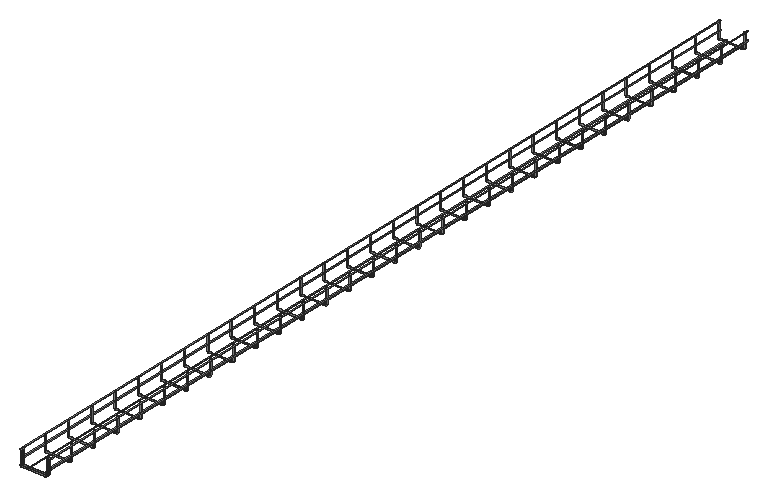
Revit family "Gitterrinne GRM - GRM 55 400 G", category Generic Models, Revit 2017
Family settings
  Can host rebar = No
  Round Connector Dimension = Use Diameter
  Part Type = Normal
  Work Plane-Based = No
  Always vertical = Yes
  Cut with Voids When Loaded = No
  Shared = No
  Room Calculation Point = No
Parameters (values of type "GRM 55 400 A4")
  Width 1 = Width / 2  # 200 mm
  Width = 400 mm
  URL = "http://www.obo-bettermann.com"
  Material = Stainless steel, A4
  Manufacturer Art.No. = "6001095"
  Manufacturer = "OBO Bettermann"
  Length = 3000 mm
  GTIN = "4012195166085"
  Article Type = "GRM 55 400 A4"
Types (5, lengths in mm): name | Material | Manufacturer Art.No. | GTIN | Article Type
  (no name) | Stainless steel, A4 | "6001095" | "4012195166085" | "GRM 55 400 A4"
  GRM 55 400 G | Electrogalvanised | "6001450" | "4012196858736" | "GRM 55 400 G"
  GRM 55 400 FT | Hot-dip galvanised | "6001428" | "4012196815111" | "GRM 55 400 FT"
  GRM 55 400 A2 | Stainless steel, A2 | "6001080" | "4012196102198" | "GRM 55 400 A2"
  GRM 55 400 A4 | Stainless steel, A4 | "6001095" | "4012195166085" | "GRM 55 400 A4"
Reference planes
  plane 1 "Center (Front/Back)": y = 0
  plane 2: z = 0
  plane 3 "Center (Left/Right)": x = 0
  plane 4: y = -2991.37
  plane 5: y = 8.63
Forms (mm)
  Sweep 1, solid, material "Stainless steel, A4" <- "Material"
    path in 3D
      loop
        line (-44.9, 0, 0) -> (-44.9, 0, -48.992)
        arc (-44.9, 0, -48.992) -> (-43.755, 0, -51.755) -> (-40.992, 0, -52.9) r 3.908
        line (-40.992, 0, -52.9) -> (41.043, 0, -52.9)
        arc (41.043, 0, -52.9) -> (43.77, 0, -51.77) -> (44.9, 0, -49.043) r 3.857
        line (44.9, 0, -49.043) -> (44.9, 0, 0)
    profile origin (44.9, 0, -24.521) x (-1, 0, 0) y (0, -1, 0)
      loop
        circle (0, 0) r 1.9
  Extrusion 2, solid, material "Stainless steel, A4" <- "Material"
    sketch origin (0, 0, 0) x (1, 0, 0) y (0, 0, 1)
      loop
        circle (-48.1, -1.9) r 1.9
      loop
        circle (-48.1, -31) r 1.9
      loop
        circle (-25, -56.1) r 1.9
      loop
        circle (48.1, -1.9) r 1.9
      loop
        circle (48.1, -31) r 1.9
      loop
        circle (25, -56.1) r 1.9
    from -8.63 to 2991.37
  Sweep 3, solid, material "Stainless steel, A4" <- "Material"
    path in 3D
      loop
        line (-44.9, -100, 0) -> (-44.9, -100, -48.992)
        arc (-44.9, -100, -48.992) -> (-43.755, -100, -51.755) -> (-40.992, -100, -52.9) r 3.908
        line (-40.992, -100, -52.9) -> (41.043, -100, -52.9)
        arc (41.043, -100, -52.9) -> (43.77, -100, -51.77) -> (44.9, -100, -49.043) r 3.857
        line (44.9, -100, -49.043) -> (44.9, -100, 0)
    profile origin (44.9, -100, -24.521) x (-1, 0, 0) y (0, -1, 0)
      loop
        circle (0, 0) r 1.9
  Sweep 4, solid, material "Stainless steel, A4" <- "Material"
    path in 3D
      loop
        line (-44.9, -200, 0) -> (-44.9, -200, -48.992)
        arc (-44.9, -200, -48.992) -> (-43.755, -200, -51.755) -> (-40.992, -200, -52.9) r 3.908
        line (-40.992, -200, -52.9) -> (41.043, -200, -52.9)
        arc (41.043, -200, -52.9) -> (43.77, -200, -51.77) -> (44.9, -200, -49.043) r 3.857
        line (44.9, -200, -49.043) -> (44.9, -200, 0)
    profile origin (44.9, -200, -24.521) x (-1, 0, 0) y (0, -1, 0)
      loop
        circle (0, 0) r 1.9
  Sweep 5, solid, material "Stainless steel, A4" <- "Material"
    path in 3D
      loop
        line (-44.9, -300, 0) -> (-44.9, -300, -48.992)
        arc (-44.9, -300, -48.992) -> (-43.755, -300, -51.755) -> (-40.992, -300, -52.9) r 3.908
        line (-40.992, -300, -52.9) -> (41.043, -300, -52.9)
        arc (41.043, -300, -52.9) -> (43.77, -300, -51.77) -> (44.9, -300, -49.043) r 3.857
        line (44.9, -300, -49.043) -> (44.9, -300, 0)
    profile origin (44.9, -300, -24.521) x (-1, 0, 0) y (0, -1, 0)
      loop
        circle (0, 0) r 1.9
  Sweep 6, solid, material "Stainless steel, A4" <- "Material"
    path in 3D
      loop
        line (-44.9, -400, 0) -> (-44.9, -400, -48.992)
        arc (-44.9, -400, -48.992) -> (-43.755, -400, -51.755) -> (-40.992, -400, -52.9) r 3.908
        line (-40.992, -400, -52.9) -> (41.043, -400, -52.9)
        arc (41.043, -400, -52.9) -> (43.77, -400, -51.77) -> (44.9, -400, -49.043) r 3.857
        line (44.9, -400, -49.043) -> (44.9, -400, 0)
    profile origin (44.9, -400, -24.521) x (-1, 0, 0) y (0, -1, 0)
      loop
        circle (0, 0) r 1.9
  Sweep 7, solid, material "Stainless steel, A4" <- "Material"
    path in 3D
      loop
        line (-44.9, -500, 0) -> (-44.9, -500, -48.992)
        arc (-44.9, -500, -48.992) -> (-43.755, -500, -51.755) -> (-40.992, -500, -52.9) r 3.908
        line (-40.992, -500, -52.9) -> (41.043, -500, -52.9)
        arc (41.043, -500, -52.9) -> (43.77, -500, -51.77) -> (44.9, -500, -49.043) r 3.857
        line (44.9, -500, -49.043) -> (44.9, -500, 0)
    profile origin (44.9, -500, -24.521) x (-1, 0, 0) y (0, -1, 0)
      loop
        circle (0, 0) r 1.9
  Sweep 8, solid, material "Stainless steel, A4" <- "Material"
    path in 3D
      loop
        line (-44.9, -600, 0) -> (-44.9, -600, -48.992)
        arc (-44.9, -600, -48.992) -> (-43.755, -600, -51.755) -> (-40.992, -600, -52.9) r 3.908
        line (-40.992, -600, -52.9) -> (41.043, -600, -52.9)
        arc (41.043, -600, -52.9) -> (43.77, -600, -51.77) -> (44.9, -600, -49.043) r 3.857
        line (44.9, -600, -49.043) -> (44.9, -600, 0)
    profile origin (44.9, -600, -24.521) x (-1, 0, 0) y (0, -1, 0)
      loop
        circle (0, 0) r 1.9
  Sweep 9, solid, material "Stainless steel, A4" <- "Material"
    path in 3D
      loop
        line (-44.9, -700, 0) -> (-44.9, -700, -48.992)
        arc (-44.9, -700, -48.992) -> (-43.755, -700, -51.755) -> (-40.992, -700, -52.9) r 3.908
        line (-40.992, -700, -52.9) -> (41.043, -700, -52.9)
        arc (41.043, -700, -52.9) -> (43.77, -700, -51.77) -> (44.9, -700, -49.043) r 3.857
        line (44.9, -700, -49.043) -> (44.9, -700, 0)
    profile origin (44.9, -700, -24.521) x (-1, 0, 0) y (0, -1, 0)
      loop
        circle (0, 0) r 1.9
  Sweep 10, solid, material "Stainless steel, A4" <- "Material"
    path in 3D
      loop
        line (-44.9, -800, 0) -> (-44.9, -800, -48.992)
        arc (-44.9, -800, -48.992) -> (-43.755, -800, -51.755) -> (-40.992, -800, -52.9) r 3.908
        line (-40.992, -800, -52.9) -> (41.043, -800, -52.9)
        arc (41.043, -800, -52.9) -> (43.77, -800, -51.77) -> (44.9, -800, -49.043) r 3.857
        line (44.9, -800, -49.043) -> (44.9, -800, 0)
    profile origin (44.9, -800, -24.521) x (-1, 0, 0) y (0, -1, 0)
      loop
        circle (0, 0) r 1.9
  Sweep 11, solid, material "Stainless steel, A4" <- "Material"
    path in 3D
      loop
        line (-44.9, -900, 0) -> (-44.9, -900, -48.992)
        arc (-44.9, -900, -48.992) -> (-43.755, -900, -51.755) -> (-40.992, -900, -52.9) r 3.908
        line (-40.992, -900, -52.9) -> (41.043, -900, -52.9)
        arc (41.043, -900, -52.9) -> (43.77, -900, -51.77) -> (44.9, -900, -49.043) r 3.857
        line (44.9, -900, -49.043) -> (44.9, -900, 0)
    profile origin (44.9, -900, -24.521) x (-1, 0, 0) y (0, -1, 0)
      loop
        circle (0, 0) r 1.9
  Sweep 12, solid, material "Stainless steel, A4" <- "Material"
    path in 3D
      loop
        line (-44.9, -1000, 0) -> (-44.9, -1000, -48.992)
        arc (-44.9, -1000, -48.992) -> (-43.755, -1000, -51.755) -> (-40.992, -1000, -52.9) r 3.908
        line (-40.992, -1000, -52.9) -> (41.043, -1000, -52.9)
        arc (41.043, -1000, -52.9) -> (43.77, -1000, -51.77) -> (44.9, -1000, -49.043) r 3.857
        line (44.9, -1000, -49.043) -> (44.9, -1000, 0)
    profile origin (44.9, -1000, -24.521) x (-1, 0, 0) y (0, -1, 0)
      loop
        circle (0, 0) r 1.9
  Sweep 13, solid, material "Stainless steel, A4" <- "Material"
    path in 3D
      loop
        line (-44.9, -1100, 0) -> (-44.9, -1100, -48.992)
        arc (-44.9, -1100, -48.992) -> (-43.755, -1100, -51.755) -> (-40.992, -1100, -52.9) r 3.908
        line (-40.992, -1100, -52.9) -> (41.043, -1100, -52.9)
        arc (41.043, -1100, -52.9) -> (43.77, -1100, -51.77) -> (44.9, -1100, -49.043) r 3.857
        line (44.9, -1100, -49.043) -> (44.9, -1100, 0)
    profile origin (44.9, -1100, -24.521) x (-1, 0, 0) y (0, -1, 0)
      loop
        circle (0, 0) r 1.9
  Sweep 14, solid, material "Stainless steel, A4" <- "Material"
    path in 3D
      loop
        line (-44.9, -1200, 0) -> (-44.9, -1200, -48.992)
        arc (-44.9, -1200, -48.992) -> (-43.755, -1200, -51.755) -> (-40.992, -1200, -52.9) r 3.908
        line (-40.992, -1200, -52.9) -> (41.043, -1200, -52.9)
        arc (41.043, -1200, -52.9) -> (43.77, -1200, -51.77) -> (44.9, -1200, -49.043) r 3.857
        line (44.9, -1200, -49.043) -> (44.9, -1200, 0)
    profile origin (44.9, -1200, -24.521) x (-1, 0, 0) y (0, -1, 0)
      loop
        circle (0, 0) r 1.9
  Sweep 15, solid, material "Stainless steel, A4" <- "Material"
    path in 3D
      loop
        line (-44.9, -1300, 0) -> (-44.9, -1300, -48.992)
        arc (-44.9, -1300, -48.992) -> (-43.755, -1300, -51.755) -> (-40.992, -1300, -52.9) r 3.908
        line (-40.992, -1300, -52.9) -> (41.043, -1300, -52.9)
        arc (41.043, -1300, -52.9) -> (43.77, -1300, -51.77) -> (44.9, -1300, -49.043) r 3.857
        line (44.9, -1300, -49.043) -> (44.9, -1300, 0)
    profile origin (44.9, -1300, -24.521) x (-1, 0, 0) y (0, -1, 0)
      loop
        circle (0, 0) r 1.9
  Sweep 16, solid, material "Stainless steel, A4" <- "Material"
    path in 3D
      loop
        line (-44.9, -1400, 0) -> (-44.9, -1400, -48.992)
        arc (-44.9, -1400, -48.992) -> (-43.755, -1400, -51.755) -> (-40.992, -1400, -52.9) r 3.908
        line (-40.992, -1400, -52.9) -> (41.043, -1400, -52.9)
        arc (41.043, -1400, -52.9) -> (43.77, -1400, -51.77) -> (44.9, -1400, -49.043) r 3.857
        line (44.9, -1400, -49.043) -> (44.9, -1400, 0)
    profile origin (44.9, -1400, -24.521) x (-1, 0, 0) y (0, -1, 0)
      loop
        circle (0, 0) r 1.9
  Sweep 17, solid, material "Stainless steel, A4" <- "Material"
    path in 3D
      loop
        line (-44.9, -1500, 0) -> (-44.9, -1500, -48.992)
        arc (-44.9, -1500, -48.992) -> (-43.755, -1500, -51.755) -> (-40.992, -1500, -52.9) r 3.908
        line (-40.992, -1500, -52.9) -> (41.043, -1500, -52.9)
        arc (41.043, -1500, -52.9) -> (43.77, -1500, -51.77) -> (44.9, -1500, -49.043) r 3.857
        line (44.9, -1500, -49.043) -> (44.9, -1500, 0)
    profile origin (44.9, -1500, -24.521) x (-1, 0, 0) y (0, -1, 0)
      loop
        circle (0, 0) r 1.9
  Sweep 18, solid, material "Stainless steel, A4" <- "Material"
    path in 3D
      loop
        line (-44.9, -1600, 0) -> (-44.9, -1600, -48.992)
        arc (-44.9, -1600, -48.992) -> (-43.755, -1600, -51.755) -> (-40.992, -1600, -52.9) r 3.908
        line (-40.992, -1600, -52.9) -> (41.043, -1600, -52.9)
        arc (41.043, -1600, -52.9) -> (43.77, -1600, -51.77) -> (44.9, -1600, -49.043) r 3.857
        line (44.9, -1600, -49.043) -> (44.9, -1600, 0)
    profile origin (44.9, -1600, -24.521) x (-1, 0, 0) y (0, -1, 0)
      loop
        circle (0, 0) r 1.9
  Sweep 19, solid, material "Stainless steel, A4" <- "Material"
    path in 3D
      loop
        line (-44.9, -1700, 0) -> (-44.9, -1700, -48.992)
        arc (-44.9, -1700, -48.992) -> (-43.755, -1700, -51.755) -> (-40.992, -1700, -52.9) r 3.908
        line (-40.992, -1700, -52.9) -> (41.043, -1700, -52.9)
        arc (41.043, -1700, -52.9) -> (43.77, -1700, -51.77) -> (44.9, -1700, -49.043) r 3.857
        line (44.9, -1700, -49.043) -> (44.9, -1700, 0)
    profile origin (44.9, -1700, -24.521) x (-1, 0, 0) y (0, -1, 0)
      loop
        circle (0, 0) r 1.9
  Sweep 20, solid, material "Stainless steel, A4" <- "Material"
    path in 3D
      loop
        line (-44.9, -1800, 0) -> (-44.9, -1800, -48.992)
        arc (-44.9, -1800, -48.992) -> (-43.755, -1800, -51.755) -> (-40.992, -1800, -52.9) r 3.908
        line (-40.992, -1800, -52.9) -> (41.043, -1800, -52.9)
        arc (41.043, -1800, -52.9) -> (43.77, -1800, -51.77) -> (44.9, -1800, -49.043) r 3.857
        line (44.9, -1800, -49.043) -> (44.9, -1800, 0)
    profile origin (44.9, -1800, -24.521) x (-1, 0, 0) y (0, -1, 0)
      loop
        circle (0, 0) r 1.9
  Sweep 21, solid, material "Stainless steel, A4" <- "Material"
    path in 3D
      loop
        line (-44.9, -1900, 0) -> (-44.9, -1900, -48.992)
        arc (-44.9, -1900, -48.992) -> (-43.755, -1900, -51.755) -> (-40.992, -1900, -52.9) r 3.908
        line (-40.992, -1900, -52.9) -> (41.043, -1900, -52.9)
        arc (41.043, -1900, -52.9) -> (43.77, -1900, -51.77) -> (44.9, -1900, -49.043) r 3.857
        line (44.9, -1900, -49.043) -> (44.9, -1900, 0)
    profile origin (44.9, -1900, -24.521) x (-1, 0, 0) y (0, -1, 0)
      loop
        circle (0, 0) r 1.9
  Sweep 22, solid, material "Stainless steel, A4" <- "Material"
    path in 3D
      loop
        line (-44.9, -2000, 0) -> (-44.9, -2000, -48.992)
        arc (-44.9, -2000, -48.992) -> (-43.755, -2000, -51.755) -> (-40.992, -2000, -52.9) r 3.908
        line (-40.992, -2000, -52.9) -> (41.043, -2000, -52.9)
        arc (41.043, -2000, -52.9) -> (43.77, -2000, -51.77) -> (44.9, -2000, -49.043) r 3.857
        line (44.9, -2000, -49.043) -> (44.9, -2000, 0)
    profile origin (44.9, -2000, -24.521) x (-1, 0, 0) y (0, -1, 0)
      loop
        circle (0, 0) r 1.9
  Sweep 23, solid, material "Stainless steel, A4" <- "Material"
    path in 3D
      loop
        line (-44.9, -2100, 0) -> (-44.9, -2100, -48.992)
        arc (-44.9, -2100, -48.992) -> (-43.755, -2100, -51.755) -> (-40.992, -2100, -52.9) r 3.908
        line (-40.992, -2100, -52.9) -> (41.043, -2100, -52.9)
        arc (41.043, -2100, -52.9) -> (43.77, -2100, -51.77) -> (44.9, -2100, -49.043) r 3.857
        line (44.9, -2100, -49.043) -> (44.9, -2100, 0)
    profile origin (44.9, -2100, -24.521) x (-1, 0, 0) y (0, -1, 0)
      loop
        circle (0, 0) r 1.9
  Sweep 24, solid, material "Stainless steel, A4" <- "Material"
    path in 3D
      loop
        line (-44.9, -2200, 0) -> (-44.9, -2200, -48.992)
        arc (-44.9, -2200, -48.992) -> (-43.755, -2200, -51.755) -> (-40.992, -2200, -52.9) r 3.908
        line (-40.992, -2200, -52.9) -> (41.043, -2200, -52.9)
        arc (41.043, -2200, -52.9) -> (43.77, -2200, -51.77) -> (44.9, -2200, -49.043) r 3.857
        line (44.9, -2200, -49.043) -> (44.9, -2200, 0)
    profile origin (44.9, -2200, -24.521) x (-1, 0, 0) y (0, -1, 0)
      loop
        circle (0, 0) r 1.9
  Sweep 25, solid, material "Stainless steel, A4" <- "Material"
    path in 3D
      loop
        line (-44.9, -2300, 0) -> (-44.9, -2300, -48.992)
        arc (-44.9, -2300, -48.992) -> (-43.755, -2300, -51.755) -> (-40.992, -2300, -52.9) r 3.908
        line (-40.992, -2300, -52.9) -> (41.043, -2300, -52.9)
        arc (41.043, -2300, -52.9) -> (43.77, -2300, -51.77) -> (44.9, -2300, -49.043) r 3.857
        line (44.9, -2300, -49.043) -> (44.9, -2300, 0)
    profile origin (44.9, -2300, -24.521) x (-1, 0, 0) y (0, -1, 0)
      loop
        circle (0, 0) r 1.9
  Sweep 26, solid, material "Stainless steel, A4" <- "Material"
    path in 3D
      loop
        line (-44.9, -2400, 0) -> (-44.9, -2400, -48.992)
        arc (-44.9, -2400, -48.992) -> (-43.755, -2400, -51.755) -> (-40.992, -2400, -52.9) r 3.908
        line (-40.992, -2400, -52.9) -> (41.043, -2400, -52.9)
        arc (41.043, -2400, -52.9) -> (43.77, -2400, -51.77) -> (44.9, -2400, -49.043) r 3.857
        line (44.9, -2400, -49.043) -> (44.9, -2400, 0)
    profile origin (44.9, -2400, -24.521) x (-1, 0, 0) y (0, -1, 0)
      loop
        circle (0, 0) r 1.9
  Sweep 27, solid, material "Stainless steel, A4" <- "Material"
    path in 3D
      loop
        line (-44.9, -2500, 0) -> (-44.9, -2500, -48.992)
        arc (-44.9, -2500, -48.992) -> (-43.755, -2500, -51.755) -> (-40.992, -2500, -52.9) r 3.908
        line (-40.992, -2500, -52.9) -> (41.043, -2500, -52.9)
        arc (41.043, -2500, -52.9) -> (43.77, -2500, -51.77) -> (44.9, -2500, -49.043) r 3.857
        line (44.9, -2500, -49.043) -> (44.9, -2500, 0)
    profile origin (44.9, -2500, -24.521) x (-1, 0, 0) y (0, -1, 0)
      loop
        circle (0, 0) r 1.9
  Sweep 28, solid, material "Stainless steel, A4" <- "Material"
    path in 3D
      loop
        line (-44.9, -2600, 0) -> (-44.9, -2600, -48.992)
        arc (-44.9, -2600, -48.992) -> (-43.755, -2600, -51.755) -> (-40.992, -2600, -52.9) r 3.908
        line (-40.992, -2600, -52.9) -> (41.043, -2600, -52.9)
        arc (41.043, -2600, -52.9) -> (43.77, -2600, -51.77) -> (44.9, -2600, -49.043) r 3.857
        line (44.9, -2600, -49.043) -> (44.9, -2600, 0)
    profile origin (44.9, -2600, -24.521) x (-1, 0, 0) y (0, -1, 0)
      loop
        circle (0, 0) r 1.9
  Sweep 29, solid, material "Stainless steel, A4" <- "Material"
    path in 3D
      loop
        line (-44.9, -2700, 0) -> (-44.9, -2700, -48.992)
        arc (-44.9, -2700, -48.992) -> (-43.755, -2700, -51.755) -> (-40.992, -2700, -52.9) r 3.908
        line (-40.992, -2700, -52.9) -> (41.043, -2700, -52.9)
        arc (41.043, -2700, -52.9) -> (43.77, -2700, -51.77) -> (44.9, -2700, -49.043) r 3.857
        line (44.9, -2700, -49.043) -> (44.9, -2700, 0)
    profile origin (44.9, -2700, -24.521) x (-1, 0, 0) y (0, -1, 0)
      loop
        circle (0, 0) r 1.9
  Sweep 30, solid, material "Stainless steel, A4" <- "Material"
    path in 3D
      loop
        line (-44.9, -2800, 0) -> (-44.9, -2800, -48.992)
        arc (-44.9, -2800, -48.992) -> (-43.755, -2800, -51.755) -> (-40.992, -2800, -52.9) r 3.908
        line (-40.992, -2800, -52.9) -> (41.043, -2800, -52.9)
        arc (41.043, -2800, -52.9) -> (43.77, -2800, -51.77) -> (44.9, -2800, -49.043) r 3.857
        line (44.9, -2800, -49.043) -> (44.9, -2800, 0)
    profile origin (44.9, -2800, -24.521) x (-1, 0, 0) y (0, -1, 0)
      loop
        circle (0, 0) r 1.9
  Sweep 31, solid, material "Stainless steel, A4" <- "Material"
    path in 3D
      loop
        line (-44.9, -2900, 0) -> (-44.9, -2900, -48.992)
        arc (-44.9, -2900, -48.992) -> (-43.755, -2900, -51.755) -> (-40.992, -2900, -52.9) r 3.908
        line (-40.992, -2900, -52.9) -> (41.043, -2900, -52.9)
        arc (41.043, -2900, -52.9) -> (43.77, -2900, -51.77) -> (44.9, -2900, -49.043) r 3.857
        line (44.9, -2900, -49.043) -> (44.9, -2900, 0)
    profile origin (44.9, -2900, -24.521) x (-1, 0, 0) y (0, -1, 0)
      loop
        circle (0, 0) r 1.9
  Sweep 32, solid, material "Stainless steel, A4" <- "Material"
    path in 3D
      loop
        line (-44.9, -2995.782, 0) -> (-44.9, -2995.782, -48.992)
        arc (-44.9, -2995.782, -48.992) -> (-43.755, -2995.782, -51.755) -> (-40.992, -2995.782, -52.9) r 3.908
        line (-40.992, -2995.782, -52.9) -> (41.043, -2995.782, -52.9)
        arc (41.043, -2995.782, -52.9) -> (43.77, -2995.782, -51.77) -> (44.9, -2995.782, -49.043) r 3.857
        line (44.9, -2995.782, -49.043) -> (44.9, -2995.782, 0)
    profile origin (44.9, -2995.782, -24.521) x (-1, 0, 0) y (0, -1, 0)
      loop
        circle (0, 0) r 1.9
  Sweep 33, solid, material "Stainless steel, A4" <- "Material"
    path in 3D
      loop
        line (-44.9, -3004.099, 0) -> (-44.9, -3004.099, -48.992)
        arc (-44.9, -3004.099, -48.992) -> (-43.755, -3004.099, -51.755) -> (-40.992, -3004.099, -52.9) r 3.908
        line (-40.992, -3004.099, -52.9) -> (41.043, -3004.099, -52.9)
        arc (41.043, -3004.099, -52.9) -> (43.77, -3004.099, -51.77) -> (44.9, -3004.099, -49.043) r 3.857
        line (44.9, -3004.099, -49.043) -> (44.9, -3004.099, 0)
    profile origin (44.9, -3004.099, -24.521) x (-1, 0, 0) y (0, -1, 0)
      loop
        circle (0, 0) r 1.9
Lines and regions (mm)
  reference lines
    curve 1: line (-200, 0, 0) -> (-200, 0, -48.992)
    curve 2: line (-196.092, 0, -52.9) -> (196.143, 0, -52.9)
    curve 3: line (200, 0, -49.043) -> (200, 0, 0)
    curve 4: arc (196.143, 0, -52.9) -> (198.87, 0, -51.77) -> (200, 0, -49.043) r 3.857
    curve 5: arc (-200, 0, -48.992) -> (-198.855, 0, -51.755) -> (-196.092, 0, -52.9) r 3.908
  sketch lines
    curve 6: line (44.9, 0, -49.043) -> (44.9, 0, 0)
    curve 7: arc (41.043, 0, -52.9) -> (43.77, 0, -51.77) -> (44.9, 0, -49.043) r 3.857
    curve 8: line (-40.992, 0, -52.9) -> (41.043, 0, -52.9)
    curve 9: arc (-44.9, 0, -48.992) -> (-43.755, 0, -51.755) -> (-40.992, 0, -52.9) r 3.908
    curve 10: line (-44.9, 0, 0) -> (-44.9, 0, -48.992)
    curve 11: line (44.9, -100, -49.043) -> (44.9, -100, 0)
    curve 12: arc (41.043, -100, -52.9) -> (43.77, -100, -51.77) -> (44.9, -100, -49.043) r 3.857
    curve 13: line (-40.992, -100, -52.9) -> (41.043, -100, -52.9)
    curve 14: arc (-44.9, -100, -48.992) -> (-43.755, -100, -51.755) -> (-40.992, -100, -52.9) r 3.908
    curve 15: line (-44.9, -100, 0) -> (-44.9, -100, -48.992)
    curve 16: line (44.9, -200, -49.043) -> (44.9, -200, 0)
    curve 17: arc (41.043, -200, -52.9) -> (43.77, -200, -51.77) -> (44.9, -200, -49.043) r 3.857
    curve 18: line (-40.992, -200, -52.9) -> (41.043, -200, -52.9)
    curve 19: arc (-44.9, -200, -48.992) -> (-43.755, -200, -51.755) -> (-40.992, -200, -52.9) r 3.908
    curve 20: line (-44.9, -200, 0) -> (-44.9, -200, -48.992)
    curve 21: line (44.9, -300, -49.043) -> (44.9, -300, 0)
    curve 22: arc (41.043, -300, -52.9) -> (43.77, -300, -51.77) -> (44.9, -300, -49.043) r 3.857
    curve 23: line (-40.992, -300, -52.9) -> (41.043, -300, -52.9)
    curve 24: arc (-44.9, -300, -48.992) -> (-43.755, -300, -51.755) -> (-40.992, -300, -52.9) r 3.908
    curve 25: line (-44.9, -300, 0) -> (-44.9, -300, -48.992)
    curve 26: line (44.9, -400, -49.043) -> (44.9, -400, 0)
    curve 27: arc (41.043, -400, -52.9) -> (43.77, -400, -51.77) -> (44.9, -400, -49.043) r 3.857
    curve 28: line (-40.992, -400, -52.9) -> (41.043, -400, -52.9)
    curve 29: arc (-44.9, -400, -48.992) -> (-43.755, -400, -51.755) -> (-40.992, -400, -52.9) r 3.908
    curve 30: line (-44.9, -400, 0) -> (-44.9, -400, -48.992)
    curve 31: line (44.9, -500, -49.043) -> (44.9, -500, 0)
    curve 32: arc (41.043, -500, -52.9) -> (43.77, -500, -51.77) -> (44.9, -500, -49.043) r 3.857
    curve 33: line (-40.992, -500, -52.9) -> (41.043, -500, -52.9)
    curve 34: arc (-44.9, -500, -48.992) -> (-43.755, -500, -51.755) -> (-40.992, -500, -52.9) r 3.908
    curve 35: line (-44.9, -500, 0) -> (-44.9, -500, -48.992)
    curve 36: line (44.9, -600, -49.043) -> (44.9, -600, 0)
    curve 37: arc (41.043, -600, -52.9) -> (43.77, -600, -51.77) -> (44.9, -600, -49.043) r 3.857
    curve 38: line (-40.992, -600, -52.9) -> (41.043, -600, -52.9)
    curve 39: arc (-44.9, -600, -48.992) -> (-43.755, -600, -51.755) -> (-40.992, -600, -52.9) r 3.908
    curve 40: line (-44.9, -600, 0) -> (-44.9, -600, -48.992)
    curve 41: line (44.9, -700, -49.043) -> (44.9, -700, 0)
    curve 42: arc (41.043, -700, -52.9) -> (43.77, -700, -51.77) -> (44.9, -700, -49.043) r 3.857
    curve 43: line (-40.992, -700, -52.9) -> (41.043, -700, -52.9)
    curve 44: arc (-44.9, -700, -48.992) -> (-43.755, -700, -51.755) -> (-40.992, -700, -52.9) r 3.908
    curve 45: line (-44.9, -700, 0) -> (-44.9, -700, -48.992)
    curve 46: line (44.9, -800, -49.043) -> (44.9, -800, 0)
    curve 47: arc (41.043, -800, -52.9) -> (43.77, -800, -51.77) -> (44.9, -800, -49.043) r 3.857
    curve 48: line (-40.992, -800, -52.9) -> (41.043, -800, -52.9)
    curve 49: arc (-44.9, -800, -48.992) -> (-43.755, -800, -51.755) -> (-40.992, -800, -52.9) r 3.908
    curve 50: line (-44.9, -800, 0) -> (-44.9, -800, -48.992)
    curve 51: line (44.9, -900, -49.043) -> (44.9, -900, 0)
    curve 52: arc (41.043, -900, -52.9) -> (43.77, -900, -51.77) -> (44.9, -900, -49.043) r 3.857
    curve 53: line (-40.992, -900, -52.9) -> (41.043, -900, -52.9)
    curve 54: arc (-44.9, -900, -48.992) -> (-43.755, -900, -51.755) -> (-40.992, -900, -52.9) r 3.908
    curve 55: line (-44.9, -900, 0) -> (-44.9, -900, -48.992)
    curve 56: line (44.9, -1000, -49.043) -> (44.9, -1000, 0)
    curve 57: arc (41.043, -1000, -52.9) -> (43.77, -1000, -51.77) -> (44.9, -1000, -49.043) r 3.857
    curve 58: line (-40.992, -1000, -52.9) -> (41.043, -1000, -52.9)
    curve 59: arc (-44.9, -1000, -48.992) -> (-43.755, -1000, -51.755) -> (-40.992, -1000, -52.9) r 3.908
    curve 60: line (-44.9, -1000, 0) -> (-44.9, -1000, -48.992)
    curve 61: line (44.9, -1100, -49.043) -> (44.9, -1100, 0)
    curve 62: arc (41.043, -1100, -52.9) -> (43.77, -1100, -51.77) -> (44.9, -1100, -49.043) r 3.857
    curve 63: line (-40.992, -1100, -52.9) -> (41.043, -1100, -52.9)
    curve 64: arc (-44.9, -1100, -48.992) -> (-43.755, -1100, -51.755) -> (-40.992, -1100, -52.9) r 3.908
    curve 65: line (-44.9, -1100, 0) -> (-44.9, -1100, -48.992)
    curve 66: line (44.9, -1200, -49.043) -> (44.9, -1200, 0)
    curve 67: arc (41.043, -1200, -52.9) -> (43.77, -1200, -51.77) -> (44.9, -1200, -49.043) r 3.857
    curve 68: line (-40.992, -1200, -52.9) -> (41.043, -1200, -52.9)
    curve 69: arc (-44.9, -1200, -48.992) -> (-43.755, -1200, -51.755) -> (-40.992, -1200, -52.9) r 3.908
    curve 70: line (-44.9, -1200, 0) -> (-44.9, -1200, -48.992)
    curve 71: line (44.9, -1300, -49.043) -> (44.9, -1300, 0)
    curve 72: arc (41.043, -1300, -52.9) -> (43.77, -1300, -51.77) -> (44.9, -1300, -49.043) r 3.857
    curve 73: line (-40.992, -1300, -52.9) -> (41.043, -1300, -52.9)
    curve 74: arc (-44.9, -1300, -48.992) -> (-43.755, -1300, -51.755) -> (-40.992, -1300, -52.9) r 3.908
    curve 75: line (-44.9, -1300, 0) -> (-44.9, -1300, -48.992)
    curve 76: line (44.9, -1400, -49.043) -> (44.9, -1400, 0)
    curve 77: arc (41.043, -1400, -52.9) -> (43.77, -1400, -51.77) -> (44.9, -1400, -49.043) r 3.857
    curve 78: line (-40.992, -1400, -52.9) -> (41.043, -1400, -52.9)
    curve 79: arc (-44.9, -1400, -48.992) -> (-43.755, -1400, -51.755) -> (-40.992, -1400, -52.9) r 3.908
    curve 80: line (-44.9, -1400, 0) -> (-44.9, -1400, -48.992)
    curve 81: line (44.9, -1500, -49.043) -> (44.9, -1500, 0)
    curve 82: arc (41.043, -1500, -52.9) -> (43.77, -1500, -51.77) -> (44.9, -1500, -49.043) r 3.857
    curve 83: line (-40.992, -1500, -52.9) -> (41.043, -1500, -52.9)
    curve 84: arc (-44.9, -1500, -48.992) -> (-43.755, -1500, -51.755) -> (-40.992, -1500, -52.9) r 3.908
    curve 85: line (-44.9, -1500, 0) -> (-44.9, -1500, -48.992)
    curve 86: line (44.9, -1600, -49.043) -> (44.9, -1600, 0)
    curve 87: arc (41.043, -1600, -52.9) -> (43.77, -1600, -51.77) -> (44.9, -1600, -49.043) r 3.857
    curve 88: line (-40.992, -1600, -52.9) -> (41.043, -1600, -52.9)
    curve 89: arc (-44.9, -1600, -48.992) -> (-43.755, -1600, -51.755) -> (-40.992, -1600, -52.9) r 3.908
    curve 90: line (-44.9, -1600, 0) -> (-44.9, -1600, -48.992)
    curve 91: line (44.9, -1700, -49.043) -> (44.9, -1700, 0)
    curve 92: arc (41.043, -1700, -52.9) -> (43.77, -1700, -51.77) -> (44.9, -1700, -49.043) r 3.857
    curve 93: line (-40.992, -1700, -52.9) -> (41.043, -1700, -52.9)
    curve 94: arc (-44.9, -1700, -48.992) -> (-43.755, -1700, -51.755) -> (-40.992, -1700, -52.9) r 3.908
    curve 95: line (-44.9, -1700, 0) -> (-44.9, -1700, -48.992)
    curve 96: line (44.9, -1800, -49.043) -> (44.9, -1800, 0)
    curve 97: arc (41.043, -1800, -52.9) -> (43.77, -1800, -51.77) -> (44.9, -1800, -49.043) r 3.857
    curve 98: line (-40.992, -1800, -52.9) -> (41.043, -1800, -52.9)
    curve 99: arc (-44.9, -1800, -48.992) -> (-43.755, -1800, -51.755) -> (-40.992, -1800, -52.9) r 3.908
    curve 100: line (-44.9, -1800, 0) -> (-44.9, -1800, -48.992)
    curve 101: line (44.9, -1900, -49.043) -> (44.9, -1900, 0)
    curve 102: arc (41.043, -1900, -52.9) -> (43.77, -1900, -51.77) -> (44.9, -1900, -49.043) r 3.857
    curve 103: line (-40.992, -1900, -52.9) -> (41.043, -1900, -52.9)
    curve 104: arc (-44.9, -1900, -48.992) -> (-43.755, -1900, -51.755) -> (-40.992, -1900, -52.9) r 3.908
    curve 105: line (-44.9, -1900, 0) -> (-44.9, -1900, -48.992)
    curve 106: line (44.9, -2000, -49.043) -> (44.9, -2000, 0)
    curve 107: arc (41.043, -2000, -52.9) -> (43.77, -2000, -51.77) -> (44.9, -2000, -49.043) r 3.857
    curve 108: line (-40.992, -2000, -52.9) -> (41.043, -2000, -52.9)
    curve 109: arc (-44.9, -2000, -48.992) -> (-43.755, -2000, -51.755) -> (-40.992, -2000, -52.9) r 3.908
    curve 110: line (-44.9, -2000, 0) -> (-44.9, -2000, -48.992)
    curve 111: line (44.9, -2100, -49.043) -> (44.9, -2100, 0)
    curve 112: arc (41.043, -2100, -52.9) -> (43.77, -2100, -51.77) -> (44.9, -2100, -49.043) r 3.857
    curve 113: line (-40.992, -2100, -52.9) -> (41.043, -2100, -52.9)
    curve 114: arc (-44.9, -2100, -48.992) -> (-43.755, -2100, -51.755) -> (-40.992, -2100, -52.9) r 3.908
    curve 115: line (-44.9, -2100, 0) -> (-44.9, -2100, -48.992)
    curve 116: line (44.9, -2200, -49.043) -> (44.9, -2200, 0)
    curve 117: arc (41.043, -2200, -52.9) -> (43.77, -2200, -51.77) -> (44.9, -2200, -49.043) r 3.857
    curve 118: line (-40.992, -2200, -52.9) -> (41.043, -2200, -52.9)
    curve 119: arc (-44.9, -2200, -48.992) -> (-43.755, -2200, -51.755) -> (-40.992, -2200, -52.9) r 3.908
    curve 120: line (-44.9, -2200, 0) -> (-44.9, -2200, -48.992)
    curve 121: line (44.9, -2300, -49.043) -> (44.9, -2300, 0)
    curve 122: arc (41.043, -2300, -52.9) -> (43.77, -2300, -51.77) -> (44.9, -2300, -49.043) r 3.857
    curve 123: line (-40.992, -2300, -52.9) -> (41.043, -2300, -52.9)
    curve 124: arc (-44.9, -2300, -48.992) -> (-43.755, -2300, -51.755) -> (-40.992, -2300, -52.9) r 3.908
    curve 125: line (-44.9, -2300, 0) -> (-44.9, -2300, -48.992)
    curve 126: line (44.9, -2400, -49.043) -> (44.9, -2400, 0)
    curve 127: arc (41.043, -2400, -52.9) -> (43.77, -2400, -51.77) -> (44.9, -2400, -49.043) r 3.857
    curve 128: line (-40.992, -2400, -52.9) -> (41.043, -2400, -52.9)
    curve 129: arc (-44.9, -2400, -48.992) -> (-43.755, -2400, -51.755) -> (-40.992, -2400, -52.9) r 3.908
    curve 130: line (-44.9, -2400, 0) -> (-44.9, -2400, -48.992)
    curve 131: line (44.9, -2500, -49.043) -> (44.9, -2500, 0)
    curve 132: arc (41.043, -2500, -52.9) -> (43.77, -2500, -51.77) -> (44.9, -2500, -49.043) r 3.857
    curve 133: line (-40.992, -2500, -52.9) -> (41.043, -2500, -52.9)
    curve 134: arc (-44.9, -2500, -48.992) -> (-43.755, -2500, -51.755) -> (-40.992, -2500, -52.9) r 3.908
    curve 135: line (-44.9, -2500, 0) -> (-44.9, -2500, -48.992)
    curve 136: line (44.9, -2600, -49.043) -> (44.9, -2600, 0)
    curve 137: arc (41.043, -2600, -52.9) -> (43.77, -2600, -51.77) -> (44.9, -2600, -49.043) r 3.857
    curve 138: line (-40.992, -2600, -52.9) -> (41.043, -2600, -52.9)
    curve 139: arc (-44.9, -2600, -48.992) -> (-43.755, -2600, -51.755) -> (-40.992, -2600, -52.9) r 3.908
    curve 140: line (-44.9, -2600, 0) -> (-44.9, -2600, -48.992)
    curve 141: line (44.9, -2700, -49.043) -> (44.9, -2700, 0)
    curve 142: arc (41.043, -2700, -52.9) -> (43.77, -2700, -51.77) -> (44.9, -2700, -49.043) r 3.857
    curve 143: line (-40.992, -2700, -52.9) -> (41.043, -2700, -52.9)
    curve 144: arc (-44.9, -2700, -48.992) -> (-43.755, -2700, -51.755) -> (-40.992, -2700, -52.9) r 3.908
    curve 145: line (-44.9, -2700, 0) -> (-44.9, -2700, -48.992)
    curve 146: line (44.9, -2800, -49.043) -> (44.9, -2800, 0)
    curve 147: arc (41.043, -2800, -52.9) -> (43.77, -2800, -51.77) -> (44.9, -2800, -49.043) r 3.857
    curve 148: line (-40.992, -2800, -52.9) -> (41.043, -2800, -52.9)
    curve 149: arc (-44.9, -2800, -48.992) -> (-43.755, -2800, -51.755) -> (-40.992, -2800, -52.9) r 3.908
    curve 150: line (-44.9, -2800, 0) -> (-44.9, -2800, -48.992)
    curve 151: line (44.9, -2900, -49.043) -> (44.9, -2900, 0)
    curve 152: arc (41.043, -2900, -52.9) -> (43.77, -2900, -51.77) -> (44.9, -2900, -49.043) r 3.857
    curve 153: line (-40.992, -2900, -52.9) -> (41.043, -2900, -52.9)
    curve 154: arc (-44.9, -2900, -48.992) -> (-43.755, -2900, -51.755) -> (-40.992, -2900, -52.9) r 3.908
    curve 155: line (-44.9, -2900, 0) -> (-44.9, -2900, -48.992)
    curve 156: line (44.9, -2995.782, -49.043) -> (44.9, -2995.782, 0)
    curve 157: arc (41.043, -2995.782, -52.9) -> (43.77, -2995.782, -51.77) -> (44.9, -2995.782, -49.043) r 3.857
    curve 158: line (-40.992, -2995.782, -52.9) -> (41.043, -2995.782, -52.9)
    curve 159: arc (-44.9, -2995.782, -48.992) -> (-43.755, -2995.782, -51.755) -> (-40.992, -2995.782, -52.9) r 3.908
    curve 160: line (-44.9, -2995.782, 0) -> (-44.9, -2995.782, -48.992)
    curve 161: line (44.9, -3004.099, -49.043) -> (44.9, -3004.099, 0)
    curve 162: arc (41.043, -3004.099, -52.9) -> (43.77, -3004.099, -51.77) -> (44.9, -3004.099, -49.043) r 3.857
    curve 163: line (-40.992, -3004.099, -52.9) -> (41.043, -3004.099, -52.9)
    curve 164: arc (-44.9, -3004.099, -48.992) -> (-43.755, -3004.099, -51.755) -> (-40.992, -3004.099, -52.9) r 3.908
    curve 165: line (-44.9, -3004.099, 0) -> (-44.9, -3004.099, -48.992)
Dimensions and locks
  "Width": curve 1 to curve 3
  "Width 1": curve 1 to plane 3 "Center (Left/Right)"
  locked: level to curve 2 at 52.9
  locked: plane 3 "Center (Left/Right)" to Extrusion 2 sketch curve at 48.1  (x2)
  locked: Extrusion 2 sketch curve to curve 2 at 51  (x2)
  locked: Extrusion 2 sketch curve to curve 2 at 21.9  (x2)
  locked: plane 3 "Center (Left/Right)" to Extrusion 2 sketch curve at 25
  locked: curve 2 to Extrusion 2 sketch curve at 3.2  (x2)
  locked: Extrusion 2 sketch curve to plane 3 "Center (Left/Right)" at 48.1  (x2)
  locked: Extrusion 2 sketch curve to plane 3 "Center (Left/Right)" at 25
  locked: plane 1 "Center (Front/Back)" to plane 5 at 8.63
  "Length": plane 5 to plane 4
  radius of curve 5 = 3.908 mm
  radius of curve 4 = 3.857 mm
  diameter of Sweep 1 sketch curve = 3.8 mm
  diameter of Extrusion 2 sketch curve = 3.8 mm  (x6)
  diameter of Sweep 3 sketch curve = 3.8 mm
  diameter of Sweep 4 sketch curve = 3.8 mm
  diameter of Sweep 5 sketch curve = 3.8 mm
  diameter of Sweep 6 sketch curve = 3.8 mm
  diameter of Sweep 7 sketch curve = 3.8 mm
  diameter of Sweep 8 sketch curve = 3.8 mm
  diameter of Sweep 9 sketch curve = 3.8 mm
  diameter of Sweep 10 sketch curve = 3.8 mm
  diameter of Sweep 11 sketch curve = 3.8 mm
  diameter of Sweep 12 sketch curve = 3.8 mm
  diameter of Sweep 13 sketch curve = 3.8 mm
  diameter of Sweep 14 sketch curve = 3.8 mm
  diameter of Sweep 15 sketch curve = 3.8 mm
  diameter of Sweep 16 sketch curve = 3.8 mm
  diameter of Sweep 17 sketch curve = 3.8 mm
  diameter of Sweep 18 sketch curve = 3.8 mm
  diameter of Sweep 19 sketch curve = 3.8 mm
  diameter of Sweep 20 sketch curve = 3.8 mm
  diameter of Sweep 21 sketch curve = 3.8 mm
  diameter of Sweep 22 sketch curve = 3.8 mm
  diameter of Sweep 23 sketch curve = 3.8 mm
  diameter of Sweep 24 sketch curve = 3.8 mm
  diameter of Sweep 25 sketch curve = 3.8 mm
  diameter of Sweep 26 sketch curve = 3.8 mm
  diameter of Sweep 27 sketch curve = 3.8 mm
  diameter of Sweep 28 sketch curve = 3.8 mm
  diameter of Sweep 29 sketch curve = 3.8 mm
  diameter of Sweep 30 sketch curve = 3.8 mm
  diameter of Sweep 31 sketch curve = 3.8 mm
  diameter of Sweep 32 sketch curve = 3.8 mm
  diameter of Sweep 33 sketch curve = 3.8 mm
  aligned and locked: level to plane 2
  aligned and locked: plane 2 to curve 3
  aligned and locked: plane 2 to curve 1
  aligned and locked: plane 5 to Extrusion 2
  aligned and locked: Extrusion 2 to plane 4
Automatic sketch dimensions
  Sweep 29 sketch curve to profile plane = 0 mm
  profile plane to Sweep 29 sketch curve = 0 mm
  Sweep 33 sketch curve to profile plane = 0 mm
  profile plane to Sweep 33 sketch curve = 0 mm
